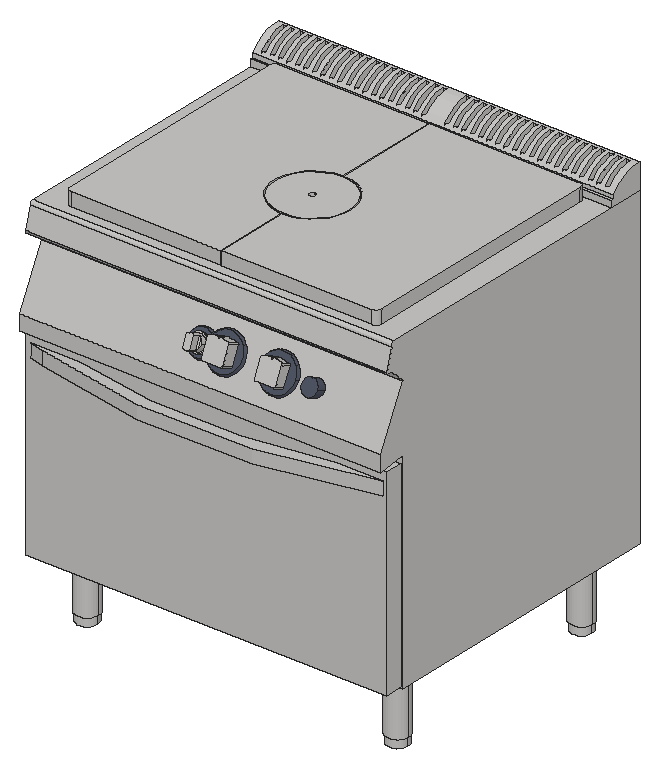
Revit family "QF_ZANUSSI_372008_Z7STGH10G0", category Specialty Equipment, Revit 2018
Family settings
  Round Connector Dimension = Use Diameter
  Part Type = Normal
  Work Plane-Based = No
  Always vertical = Yes
  Cut with Voids When Loaded = No
  Shared = No
  Room Calculation Point = No
Parameters
  Width = 800.00 mm  # constant formula
  Weight in Pounds = 209  # constant formula
  Weight = 0.00 kg
  Watts = 0 W
  Volts = 0 V
  URL Manufacturer = "http://www.zanussiprofessional.com"
  URL Cutsheet = "www.electrolux.com"
  URL = "http://www.zanussiprofessional.com"
  Type Mark [instance] = ""
  Steam Supply Size = 0"
  Steam Supply Minimum Pressure = 0.00 psi
  Steam Supply Maximum Pressure = 0.00 psi
  Steam Pounds per Hour = 0
  Status [instance] = ""
  Specification by User [instance] = ""
  Specification by Manufacturer = ""
  Show Logo [instance] = yes
  Show Clearance [instance] = yes
  Serial Number = ""
  Seismic Rating = ""
  SMACNA No = ""
  Revision Code [instance] = ""
  Refrigeration Suction Line Size = 0"
  Refrigeration Liquid Line Size = 0"
  Refrigerant Compressor Remote = yes
  Phase = 0
  Omniclass Number and Title = ""
  NAFEM Spec ID Number = ""
  Model = "Z7STGH10G0"
  Mechanical Remarks [instance] = ""
  Mechanical Connection Type [instance] = ""
  Masterspec = ""
  Manufacturer = "Zanussi"
  Length Actual = 800.00 mm  # constant formula
  Item Number [instance] = "372008"
  Installed By [instance] = ""
  Identify Quantity as Lot [instance] = yes
  Hot Water Size = 0"
  Height Actual = 850.00 mm  # constant formula
  Height = 908.00 mm  # constant formula
  HP = "0 HP"
  Gas Size = 12.70 mm  # 1/2"
  Gas RI Height [instance] = 0.00 mm
  Gas KW [instance] = 13  # constant formula
  Gas Input [instance] = 12988 VA  # 44317.0 Btu/h
  Gas Connection Height = 0.00 mm
  Furnished By [instance] = ""
  Foodservice Equipment Identifier [instance] = yes
  Direct Waste Size = 0"
  Description = "GAS SOLID TOP+OVEN 800 MM"
  Depth Actual = 700.00 mm  # constant formula
  Depth = 700.00 mm  # constant formula
  Cycle = 0 Hz
  Condensate Return Size = 0"
  Compressed Air Volume = 0 GPM
  Compressed Air Size = 0"
  Compressed Air Pressure = 0.00 psi
  Cold Water Size = 0"
  CSI MasterFormat = ""
  CSI Master Format = ""
  Assembly Code = ""
  Accessory = yes
Reference planes
  plane 1 "BACK": y = 0
  plane 2: z = 0
  plane 3 "LEFT": x = 0
  plane 4 "RIGHT": x = 800
  plane 5 "FRONT": y = -700
  plane 6 "TOP": z = 908
  plane 7 "Center Y": x = 400
  plane 8 "Center X": y = -350
  plane 9 "Base": z = 150
  plane 10: z = 850
  plane 11: y = -715
  plane 12: y = -1110
  plane 13 "panel": through (-6096, -654.982, 762.214) normal (0, -0.8956, 0.4448)
  plane 14: x = 177.499
Forms (mm)
  Revolve 1, solid, material "QF_Finishes_Stainless Steel"
    sketch origin (1, -90, 0) x (1, 0, 0) y (0, 0, 1)
      loop
        line (55, 0) -> (55, 150) -> (29.6, 150) -> (29.6, 19.05) -> (32.1, 19.05) -> (32.1, 0) -> (55, 0)
      axis (55, 0) -> (55, 150)
    angle from 0 to 360
  Revolve 2, solid, material "QF_Finishes_Stainless Steel"
    sketch origin (1, -599.588, 0) x (1, 0, 0) y (0, 0, 1)
      loop
        line (55, 0) -> (55, 150) -> (29.6, 150) -> (29.6, 19.05) -> (32.1, 19.05) -> (32.1, 0) -> (55, 0)
      axis (55, 0) -> (55, 150)
    angle from 0 to 360
  Revolve 3, solid, material "QF_Finishes_Stainless Steel"
    sketch origin (799, -90, 0) x (-1, 0, 0) y (0, 0, -1)
      loop
        line (55, 0) -> (32.1, 0) -> (32.1, -19.05) -> (29.6, -19.05) -> (29.6, -150) -> (55, -150) -> (55, 0)
      axis (55, 0) -> (55, -150)
    angle from 0 to 360
  Revolve 4, solid, material "QF_Finishes_Stainless Steel"
    sketch origin (799, -599.588, 0) x (-1, 0, 0) y (0, 0, -1)
      loop
        line (55, 0) -> (32.1, 0) -> (32.1, -19.05) -> (29.6, -19.05) -> (29.6, -150) -> (55, -150) -> (55, 0)
      axis (55, 0) -> (55, -150)
    angle from 0 to 360
  Extrusion 5, solid, material "QF_Finishes_Stainless Steel"
    sketch origin (0, 0, 576.213) x (0, 1, 0) y (0, 0, 1)
      loop
        line (0, 273.788) -> (-679.358, 273.788)
        arc (-679.358, 273.788) -> (-684.643, 271.598) -> (-686.833, 266.313) r 7.474
        line (-686.833, 266.313) -> (-699.884, 220.798)
        arc (-699.884, 220.798) -> (-699.396, 218.166) -> (-697, 216.971) r 3
        line (-697, 216.971) -> (-686.802, 216.971) -> (-654.982, 184.302) -> (-715, 63.446) -> (-715, 28.446) -> (-658.645, 36.366)
        arc (-658.645, 36.366) -> (-656.101, 35.612) -> (-655, 33.197) r 3.2
        line (-655, 33.197) -> (-655, -426.212) -> (0, -426.212) -> (0, 273.788)
      loop
        line (-700, 22.938) -> (-700, -421.212) -> (-660, -421.212) -> (-660, 22.938) -> (-700, 22.938)
    from 0 to 800
  Extrusion 6, solid, material "QF_Finishes_Stainless Steel"
    sketch origin (0, 0, 576.213) x (0, 1, 0) y (0, 0, 1)
      loop
        line (0, 273.787) -> (0, 288.075) -> (-76.2, 288.075) -> (-76.2, 273.787) -> (0, 273.787)
    from 0 to 800
  Extrusion 7, void
    sketch origin (34.989, 0, 865.138) x (-1, 0, 0) y (0, -1, 0)
      loop
        line (-335.017, 6.761) -> (-335.017, 63.911) -> (-344.313, 63.911) -> (-344.313, 6.761) -> (-335.017, 6.761)
      loop
        line (-316.325, 6.761) -> (-316.325, 63.911) -> (-325.62, 63.911) -> (-325.62, 6.761) -> (-316.325, 6.761)
      loop
        line (-297.632, 6.761) -> (-297.632, 63.911) -> (-306.928, 63.911) -> (-306.928, 6.761) -> (-297.632, 6.761)
      loop
        line (-278.94, 6.761) -> (-278.94, 63.911) -> (-288.235, 63.911) -> (-288.235, 6.761) -> (-278.94, 6.761)
      loop
        line (-260.247, 6.761) -> (-260.247, 63.911) -> (-269.543, 63.911) -> (-269.543, 6.761) -> (-260.247, 6.761)
      loop
        line (-241.554, 6.761) -> (-241.554, 63.911) -> (-250.85, 63.911) -> (-250.85, 6.761) -> (-241.554, 6.761)
      loop
        line (-222.862, 6.761) -> (-222.862, 63.911) -> (-232.157, 63.911) -> (-232.157, 6.761) -> (-222.862, 6.761)
      loop
        line (-204.169, 6.761) -> (-204.169, 63.911) -> (-213.465, 63.911) -> (-213.465, 6.761) -> (-204.169, 6.761)
      loop
        line (-185.476, 6.761) -> (-185.476, 63.911) -> (-194.772, 63.911) -> (-194.772, 6.761) -> (-185.476, 6.761)
      loop
        line (-166.784, 6.761) -> (-166.784, 63.911) -> (-176.08, 63.911) -> (-176.08, 6.761) -> (-166.784, 6.761)
      loop
        line (-148.091, 6.761) -> (-148.091, 63.911) -> (-157.387, 63.911) -> (-157.387, 6.761) -> (-148.091, 6.761)
      loop
        line (-129.399, 6.761) -> (-129.399, 63.911) -> (-138.694, 63.911) -> (-138.694, 6.761) -> (-129.399, 6.761)
      loop
        line (-110.706, 6.761) -> (-110.706, 63.911) -> (-120.002, 63.911) -> (-120.002, 6.761) -> (-110.706, 6.761)
      loop
        line (-92.013, 6.761) -> (-92.013, 63.911) -> (-101.309, 63.911) -> (-101.309, 6.761) -> (-92.013, 6.761)
      loop
        line (-73.321, 6.761) -> (-73.321, 63.911) -> (-82.617, 63.911) -> (-82.617, 6.761) -> (-73.321, 6.761)
      loop
        line (-54.628, 6.761) -> (-54.628, 63.911) -> (-63.924, 63.911) -> (-63.924, 6.761) -> (-54.628, 6.761)
      loop
        line (-35.936, 6.761) -> (-35.936, 63.911) -> (-45.231, 63.911) -> (-45.231, 6.761) -> (-35.936, 6.761)
      loop
        line (-17.243, 6.761) -> (-17.243, 63.911) -> (-26.539, 63.911) -> (-26.539, 6.761) -> (-17.243, 6.761)
      loop
        line (1.45, 6.761) -> (1.45, 63.911) -> (-7.846, 63.911) -> (-7.846, 6.761) -> (1.45, 6.761)
      loop
        line (20.142, 6.761) -> (20.142, 63.911) -> (10.846, 63.911) -> (10.846, 6.761) -> (20.142, 6.761)
      loop
        line (-395.005, 6.761) -> (-385.709, 6.761) -> (-385.709, 63.911) -> (-395.005, 63.911) -> (-395.005, 6.761)
      loop
        line (-413.697, 6.761) -> (-404.401, 6.761) -> (-404.401, 63.911) -> (-413.697, 63.911) -> (-413.697, 6.761)
      loop
        line (-432.39, 6.761) -> (-423.094, 6.761) -> (-423.094, 63.911) -> (-432.39, 63.911) -> (-432.39, 6.761)
      loop
        line (-451.082, 6.761) -> (-441.787, 6.761) -> (-441.787, 63.911) -> (-451.082, 63.911) -> (-451.082, 6.761)
      loop
        line (-469.775, 6.761) -> (-460.479, 6.761) -> (-460.479, 63.911) -> (-469.775, 63.911) -> (-469.775, 6.761)
      loop
        line (-488.468, 6.761) -> (-479.172, 6.761) -> (-479.172, 63.911) -> (-488.468, 63.911) -> (-488.468, 6.761)
      loop
        line (-507.16, 6.761) -> (-497.864, 6.761) -> (-497.864, 63.911) -> (-507.16, 63.911) -> (-507.16, 6.761)
      loop
        line (-525.853, 6.761) -> (-516.557, 6.761) -> (-516.557, 63.911) -> (-525.853, 63.911) -> (-525.853, 6.761)
      loop
        line (-544.545, 6.761) -> (-535.25, 6.761) -> (-535.25, 63.911) -> (-544.545, 63.911) -> (-544.545, 6.761)
      loop
        line (-563.238, 6.761) -> (-553.942, 6.761) -> (-553.942, 63.911) -> (-563.238, 63.911) -> (-563.238, 6.761)
      loop
        line (-581.931, 6.761) -> (-572.635, 6.761) -> (-572.635, 63.911) -> (-581.931, 63.911) -> (-581.931, 6.761)
      loop
        line (-600.623, 6.761) -> (-591.328, 6.761) -> (-591.328, 63.911) -> (-600.623, 63.911) -> (-600.623, 6.761)
      loop
        line (-619.316, 6.761) -> (-610.02, 6.761) -> (-610.02, 63.911) -> (-619.316, 63.911) -> (-619.316, 6.761)
      loop
        line (-638.008, 6.761) -> (-628.713, 6.761) -> (-628.713, 63.911) -> (-638.008, 63.911) -> (-638.008, 6.761)
      loop
        line (-656.701, 6.761) -> (-647.405, 6.761) -> (-647.405, 63.911) -> (-656.701, 63.911) -> (-656.701, 6.761)
      loop
        line (-675.394, 6.761) -> (-666.098, 6.761) -> (-666.098, 63.911) -> (-675.394, 63.911) -> (-675.394, 6.761)
      loop
        line (-694.086, 6.761) -> (-684.791, 6.761) -> (-684.791, 63.911) -> (-694.086, 63.911) -> (-694.086, 6.761)
      loop
        line (-712.779, 6.761) -> (-703.483, 6.761) -> (-703.483, 63.911) -> (-712.779, 63.911) -> (-712.779, 6.761)
      loop
        line (-731.472, 6.761) -> (-722.176, 6.761) -> (-722.176, 63.911) -> (-731.472, 63.911) -> (-731.472, 6.761)
      loop
        line (-750.164, 6.761) -> (-740.868, 6.761) -> (-740.868, 63.911) -> (-750.164, 63.911) -> (-750.164, 6.761)
    from 9.525 to 45.348
  Extrusion 8, solid, material "QF_Finishes_Stainless Steel"
    sketch origin (0, 0, 590.5) x (0, 1, 0) y (0, 0, 1)
      loop
        line (0, 273.788) -> (0, 317.5)
        arc (0, 317.5) -> (-39.072, 308.879) -> (-69.85, 283.312) r 84.854
        line (-69.85, 283.312) -> (-69.85, 273.788) -> (0, 273.788)
    from 0 to 800
  Extrusion 9, solid, material "QF_Finishes_Stainless Steel"
    sketch origin (0, 0, 850.85) x (0, -1, 0) y (1, 0, 0)
      loop
        arc (82.3, 67.7) -> (86.02, 58.72) -> (95, 55) r 12.7
        line (95, 55) -> (644.6, 55)
        arc (644.6, 55) -> (653.58, 58.72) -> (657.3, 67.7) r 12.7
        line (657.3, 67.7) -> (657.3, 398.413) -> (490.475, 398.413)
        arc (490.475, 398.413) -> (404.92, 314.787) -> (319.519, 398.571) r 85.497
        line (319.519, 398.571) -> (82.3, 398.571) -> (82.3, 67.7)
      loop
        arc (657.3, 732.3) -> (653.58, 741.28) -> (644.6, 745) r 12.7
        line (644.6, 745) -> (95, 745)
        arc (95, 745) -> (86.02, 741.28) -> (82.3, 732.3) r 12.7
        line (82.3, 732.3) -> (82.3, 401.528) -> (319.513, 401.528)
        arc (319.513, 401.528) -> (405.24, 485.459) -> (490.492, 401.047) r 85.5
        line (490.492, 401.047) -> (657.3, 401.047) -> (657.3, 732.3)
      loop
        circle (405, 400) r 82.6
      loop
        circle (405, 400) r 7
    from 0 to 28.575
  Extrusion 10, solid, material "QF_Finishes_Stainless Steel"
    sketch origin (0, 0, 850.85) x (0, -1, 0) y (1, 0, 0)
      loop
        circle (390, 400) r 7
    from 0 to 26.981
  Extrusion 11, solid, material "QF_Finishes_Stainless Steel"
    sketch origin (0, 0, 150) x (-1, 0, 0) y (0, -1, 0)
      loop
        circle (-747.612, 464) r 6.35
    from -8.815 to 7.722
  Extrusion 12, solid, material "QF_Finishes_Door Clearance", visible <- "Show Clearance", detail levels coarse
    sketch origin (0, 0, 0) x (0, 1, 0) y (0, 0, 1)
      loop
        arc (-700, 599.489) -> (-993.933, 455.777) -> (-1110.338, 150) r 445.337
        line (-1110.338, 150) -> (-700, 150) -> (-700, 599.489)
    from 0 to 800
  Extrusion 13, solid, material "QF_Finishes_Clearance", visible <- "Show Clearance", detail levels coarse
    sketch origin (0, 0, 0) x (1, 0, 0) y (0, 1, 0)
      loop
        line (-150, -715) -> (0, -715) -> (0, 0) -> (800, 0) -> (800, -715) -> (950, -715) -> (950, 150) -> (-150, 150) -> (-150, -715)
    from 0 to 908
  Extrusion 14, solid, material "QF_Finishes_Stainless Steel"
    sketch origin (0, 0, 150) x (-1, 0, 0) y (0, -1, 0)
      loop
        line (-791.98, 700) -> (-698.375, 700)
        arc (-698.375, 700) -> (-401.98, 735) -> (-105.585, 700) r 1272.5
        line (-105.585, 700) -> (-11.98, 700)
        arc (-11.98, 700) -> (-28.971, 705.227) -> (-46.033, 710.221) r 1297.5
        arc (-46.033, 710.221) -> (-419.757, 759.878) -> (-791.98, 700) r 1297.5
    from 400 to 430
  Blend 15, solid, material "QF_Finishes_Navy Blue"
    base sketch origin (432.5, -684.991, 701.786) x (1, 0, 0) y (0, 0.444781, 0.895639)
      loop
        arc (-35.05, -24.037) -> (42.5, 0) -> (-35.05, 24.037) r 42.5
        arc (-35.05, 24.037) -> (-83, 0) -> (-35.05, -24.037) r 30
    top sketch origin (432.5, -684.991, 701.786) x (1, 0, 0) y (0, 0.444781, 0.895639)
      loop
        arc (-34.578, -21.086) -> (40.5, 0) -> (-34.578, 21.086) r 40.5
        arc (-34.578, 21.086) -> (-81, 0) -> (-34.578, -21.086) r 28
    from 0 to 5
  Extrusion 16, solid, material "QF_Finishes_Stainless Steel"
    sketch origin (200, -684.991, 701.786) x (1, 0, 0) y (0, 0.444781, 0.895639)
      loop
        circle (177.499, -0.341) r 20
    from 5 to 10
  Extrusion 17, void
    sketch origin (432.5, -684.991, 701.786) x (1, 0, 0) y (0, -0.895639, 0.444781)
      loop
        line (-62.999, 24.837) -> (-62.999, 40) -> (-71.893, 40) -> (-71.893, 22) -> (-65.835, 22)
        arc (-65.835, 22) -> (-63.827, 22.828) -> (-62.999, 24.837) r 2.827
      loop
        arc (-47.003, 24.837) -> (-46.175, 22.828) -> (-44.167, 22) r 2.827
        line (-44.167, 22) -> (-38.109, 22) -> (-38.109, 40) -> (-47.003, 40) -> (-47.003, 24.837)
    from -20.019 to 20.019
  Extrusion 18, solid, material "QF_Finishes_Stainless Steel"
    sketch origin (200, -684.991, 701.786) x (1, 0, 0) y (0, 0.444781, 0.895639)
      loop
        arc (211.353, 22.789) -> (210.006, 21.685) -> (209.5, 20.019) r 2.997
        line (209.5, 20.019) -> (209.5, -20.019)
        arc (209.5, -20.019) -> (210.378, -22.138) -> (212.497, -23.016) r 2.997
        line (212.497, -23.016) -> (252.503, -23.016)
        arc (252.503, -23.016) -> (254.622, -22.138) -> (255.5, -20.019) r 2.997
        line (255.5, -20.019) -> (255.5, 20.019)
        arc (255.5, 20.019) -> (254.994, 21.685) -> (253.647, 22.789) r 2.997
        arc (253.647, 22.789) -> (232.5, 26.984) -> (211.353, 22.789) r 55.4
    from 5 to 34
  Extrusion 19, solid, material "QF_Finishes_Stainless Steel"
    sketch origin (200, -684.991, 701.786) x (1, 0, 0) y (0, 0.444781, 0.895639)
      loop
        circle (177.499, -0.341) r 16
    from 10 to 40
  Blend 20, solid, material "QF_Finishes_Navy Blue"
    base sketch origin (550, -684.991, 701.786) x (1, 0, 0) y (0, 0.444781, 0.895639)
      loop
        circle (0, 0) r 42.5
    top sketch origin (550, -684.991, 701.786) x (1, 0, 0) y (0, 0.444781, 0.895639)
      loop
        circle (0, 0) r 40.5
    from 0 to 5
  Extrusion 21, solid, material "QF_Finishes_Stainless Steel"
    sketch origin (550, -684.991, 701.786) x (1, 0, 0) y (0, 0.444781, 0.895639)
      loop
        arc (-21.147, 22.789) -> (-22.494, 21.685) -> (-23, 20.019) r 2.997
        line (-23, 20.019) -> (-23, -20.019)
        arc (-23, -20.019) -> (-22.122, -22.138) -> (-20.003, -23.016) r 2.997
        line (-20.003, -23.016) -> (20.003, -23.016)
        arc (20.003, -23.016) -> (22.122, -22.138) -> (23, -20.019) r 2.997
        line (23, -20.019) -> (23, 20.019)
        arc (23, 20.019) -> (22.494, 21.685) -> (21.147, 22.789) r 2.997
        arc (21.147, 22.789) -> (0, 26.984) -> (-21.147, 22.789) r 55.4
    from 10 to 34
  Extrusion 22, solid, material "QF_Plastic-Black-Matte"
    sketch origin (607.5, -684.991, 701.786) x (0, 0.444781, 0.895639) y (0, -0.895639, 0.444781)
      loop
        line (26.984, 34) -> (26.984, 19) -> (27.984, 19) -> (27.984, 34)
        arc (27.984, 34) -> (27.691, 34.707) -> (26.984, 35) r 1
        line (26.984, 35) -> (23.984, 35) -> (23.984, 34) -> (26.984, 34)
    from -58.5 to -56.5
  Extrusion 23, solid, material "QF_Finishes_Stainless Steel"
    sketch origin (550, -684.991, 701.786) x (1, 0, 0) y (0, 0.444781, 0.895639)
      loop
        line (17.5, 17.5) -> (-17.5, 17.5) -> (-17.5, -17.5) -> (17.5, -17.5) -> (17.5, 17.5)
    from 5 to 10
  Extrusion 24, solid, material "QF_Finishes_Navy Blue"
    sketch origin (689.001, -684.991, 701.786) x (1, 0, 0) y (0, 0.444781, 0.895639)
      loop
        circle (-55.001, 0) r 18
    from 3 to 23
  Extrusion 25, solid, material "QF_Finishes_Stainless Steel"
    sketch origin (550, -684.991, 701.786) x (1, 0, 0) y (0, 0.444781, 0.895639)
      loop
        circle (84, 0) r 15
    from 3 to 0
  Extrusion 26, solid, material "QF_Plastic-Black-Matte"
    sketch origin (490, -684.991, 701.786) x (0, 0.444781, 0.895639) y (0, -0.895639, 0.444781)
      loop
        line (26.984, 34) -> (26.984, 19) -> (27.984, 19) -> (27.984, 34)
        arc (27.984, 34) -> (27.691, 34.707) -> (26.984, 35) r 1
        line (26.984, 35) -> (23.984, 35) -> (23.984, 34) -> (26.984, 34)
    from -58.5 to -56.5
Cuts and joins
  Extrusion 7 cuts Extrusion 5
  Extrusion 7 cuts Extrusion 8
  joined: Extrusion 6, Extrusion 8
  joined: Extrusion 9, Extrusion 10
  Extrusion 17 cuts Extrusion 19
Lines and regions (mm)
  Split face 1
    outline origin (432.5, -689.469, 704.01) x (1, 0, 0) y (0, 0.444781, 0.895639)
      loop
        circle (0, 33) r 1
  Split face 2
    outline origin (432.5, -689.469, 704.01) x (1, 0, 0) y (0, 0.444781, 0.895639)
      loop
        circle (-8.541, 31.876) r 1
  Split face 3
    outline origin (432.5, -689.469, 704.01) x (1, 0, 0) y (0, 0.444781, 0.895639)
      loop
        circle (-16.5, 28.579) r 1
  Split face 4
    outline origin (432.5, -689.469, 704.01) x (1, 0, 0) y (0, 0.444781, 0.895639)
      loop
        circle (-23.335, 23.335) r 1
  Split face 5
    outline origin (432.5, -689.469, 704.01) x (1, 0, 0) y (0, 0.444781, 0.895639)
      loop
        circle (-28.579, 16.5) r 1
  Split face 6
    outline origin (432.5, -689.469, 704.01) x (1, 0, 0) y (0, 0.444781, 0.895639)
      loop
        circle (-31.876, 8.541) r 1
  Split face 7
    outline origin (432.5, -689.469, 704.01) x (1, 0, 0) y (0, 0.444781, 0.895639)
      loop
        circle (-33, 0) r 1
  Split face 8
    outline origin (432.5, -689.469, 704.01) x (-1, 0, 0) y (0, 0.444781, 0.895639)
      loop
        circle (31.876, -8.541) r 1
  Split face 9
    outline origin (432.5, -689.469, 704.01) x (-1, 0, 0) y (0, 0.444781, 0.895639)
      loop
        circle (28.579, -16.5) r 1
  Split face 10
    outline origin (432.5, -689.469, 704.01) x (-1, 0, 0) y (0, 0.444781, 0.895639)
      loop
        circle (23.335, -23.335) r 1
  Split face 11
    outline origin (432.5, -689.469, 704.01) x (-1, 0, 0) y (0, 0.444781, 0.895639)
      loop
        circle (16.5, -28.579) r 1
  Split face 12
    outline origin (432.5, -689.469, 704.01) x (-1, 0, 0) y (0, 0.444781, 0.895639)
      loop
        circle (8.541, -31.876) r 1
  Split face 13
    outline origin (432.5, -689.469, 704.01) x (1, 0, 0) y (0, -0.444781, -0.895639)
      loop
        circle (33, 0) r 1
  Split face 14
    outline origin (432.5, -689.469, 704.01) x (1, 0, 0) y (0, -0.444781, -0.895639)
      loop
        circle (31.876, -8.541) r 1
  Split face 15
    outline origin (432.5, -689.469, 704.01) x (1, 0, 0) y (0, -0.444781, -0.895639)
      loop
        circle (28.579, -16.5) r 1
  Split face 16
    outline origin (432.5, -689.469, 704.01) x (1, 0, 0) y (0, -0.444781, -0.895639)
      loop
        circle (23.335, -23.335) r 1
  Split face 17
    outline origin (432.5, -689.469, 704.01) x (1, 0, 0) y (0, -0.444781, -0.895639)
      loop
        circle (16.5, -28.579) r 1
  Split face 18
    outline origin (432.5, -689.469, 704.01) x (1, 0, 0) y (0, -0.444781, -0.895639)
      loop
        circle (8.541, -31.876) r 1
  Split face 19
    outline origin (432.5, -689.469, 704.01) x (-1, 0, 0) y (0, -0.444781, -0.895639)
      loop
        circle (-8.541, 31.876) r 1
  Split face 20
    outline origin (432.5, -689.469, 704.01) x (-1, 0, 0) y (0, -0.444781, -0.895639)
      loop
        circle (-16.5, 28.579) r 1
  Split face 21
    outline origin (432.5, -689.469, 704.01) x (-1, 0, 0) y (0, -0.444781, -0.895639)
      loop
        circle (-23.335, 23.335) r 1
  Split face 22
    outline origin (432.5, -689.469, 704.01) x (-1, 0, 0) y (0, -0.444781, -0.895639)
      loop
        circle (-28.579, 16.5) r 1
  Split face 23
    outline origin (432.5, -689.469, 704.01) x (-1, 0, 0) y (0, -0.444781, -0.895639)
      loop
        circle (-31.876, 8.541) r 1
  Split face 24
    outline origin (432.5, -689.469, 704.01) x (1, 0, 0) y (0, 0.444781, 0.895639)
      loop
        circle (-55.001, 22) r 1.508
  Split face 25
    outline origin (432.5, -689.469, 704.01) x (1, 0, 0) y (0, 0.444781, 0.895639)
      loop
        circle (-77.001, 0) r 1.343
  Split face 26
    outline origin (432.5, -689.469, 704.01) x (1, 0, 0) y (0, 0.444781, 0.895639)
      loop
        line (-56.273, -20.786) -> (-56.273, -25.164) -> (-53.729, -25.164) -> (-53.729, -20.786) -> (-56.273, -20.786)
  Split face 27
    outline origin (550, -689.469, 704.01) x (1, 0, 0) y (0, 0.444781, 0.895639)
      loop
        circle (-33, 0) r 3
  Split face 28
    outline origin (555.901, -689.469, 704.01) x (1, 0, 0) y (0, 0.444781, 0.895639)
      loop
        line (-8.901, 38.561) -> (-8.901, 28.561) -> (-2.901, 28.561) -> (-2.901, 38.561) -> (-8.901, 38.561)
  Split face 29
    outline origin (555.901, -689.469, 704.01) x (1, 0, 0) y (0, 0.444781, 0.895639)
      loop
        line (-8.401, 38.061) -> (-8.401, 29.061) -> (-3.401, 29.061) -> (-3.401, 38.061) -> (-8.401, 38.061)
  Split face 30
    outline origin (555.901, -689.469, 704.01) x (1, 0, 0) y (0, 0.444781, 0.895639)
      loop
        line (-8.401, 34.061) -> (-3.401, 34.061)
  Split face 31
    outline origin (555.901, -689.469, 704.01) x (1, 0, 0) y (0, 0.444781, 0.895639)
      loop
        line (-8.401, 33.561) -> (-3.401, 33.561)
  Split face 32
    outline origin (575.657, -675.159, 732.825) x (-1, 0, 0) y (0, -0.444781, -0.895639)
      loop
        circle (43.456, 61.543) r 1.5
  Split face 33
    outline origin (555.901, -689.469, 704.01) x (1, 0, 0) y (0, 0.444781, 0.895639)
      loop
        circle (-5.901, 31.311) r 2.029
  Split face 34
    outline origin (550, -689.469, 704.01) x (1, 0, 0) y (0, 0.444781, 0.895639)
      loop
        circle (-24.487, 26.694) r 3.497
  Split face 35
    outline origin (432.5, -689.469, 704.01) x (1, 0, 0) y (0, 0.444781, 0.895639)
      loop
        circle (0, -33) r 1
  symbolic lines, style "QF-Door Swings"
    curve 1: line (0, -715, 150) -> (0, -1110, 150)
    curve 2: line (0, -1110, 150) -> (800, -1110, 150)
    curve 3: line (800, -1110, 150) -> (800, -715, 150)
  symbolic lines
    curve 4: line (0, 0, 150) -> (0, -715, 150)
    curve 5: line (55, -95, 150) -> (55, -659.6, 150)
    curve 6: arc (55, -659.6, 150) -> (58.72, -668.58, 150) -> (67.7, -672.3, 150) r 12.7
    curve 7: line (67.7, -672.3, 150) -> (398.413, -672.3, 150)
    curve 8: line (398.413, -672.3, 150) -> (398.413, -490.475, 150)
    curve 9: arc (398.413, -490.475, 150) -> (314.787, -404.92, 150) -> (398.571, -319.519, 150) r 85.497
    curve 10: line (398.571, -319.519, 150) -> (398.571, -82.3, 150)
    curve 11: line (398.571, -82.3, 150) -> (67.7, -82.3, 150)
    curve 12: arc (67.7, -82.3, 150) -> (58.72, -86.02, 150) -> (55, -95, 150) r 12.7
    curve 13: line (745, -659.6, 150) -> (745, -95, 150)
    curve 14: arc (745, -95, 150) -> (741.28, -86.02, 150) -> (732.3, -82.3, 150) r 12.7
    curve 15: line (732.3, -82.3, 150) -> (401.528, -82.3, 150)
    curve 16: line (401.528, -82.3, 150) -> (401.528, -319.513, 150)
    curve 17: arc (401.528, -319.513, 150) -> (485.46, -405.118, 150) -> (401.289, -490.489, 150) r 85.5
    curve 18: line (401.289, -490.489, 150) -> (401.289, -672.3, 150)
    curve 19: line (401.289, -672.3, 150) -> (732.3, -672.3, 150)
    curve 20: arc (732.3, -672.3, 150) -> (741.28, -668.58, 150) -> (745, -659.6, 150) r 12.7
    curve 21: arc (400, -322.4, 150) -> (317.4, -405, 150) -> (400, -487.6, 150) r 82.6
    curve 22: arc (400, -487.6, 150) -> (482.6, -405, 150) -> (400, -322.4, 150) r 82.6
    curve 23: arc (400, -398, 150) -> (407, -405, 150) -> (400, -412, 150) r 7
    curve 24: arc (400, -412, 150) -> (393, -405, 150) -> (400, -398, 150) r 7
    curve 25: line (0, -69.85, 150) -> (800, -69.85, 150)
    curve 26: line (0, -76.2, 150) -> (800, -76.2, 150)
    curve 27: line (800, -715, 150) -> (800, 0, 150)
    curve 28: line (0, 0, 150) -> (800, 0, 150)
    curve 29: line (24.143, -6.761, 150) -> (24.143, -63.911, 150)
    curve 30: line (24.143, -63.911, 150) -> (14.847, -63.911, 150)
    curve 31: line (14.847, -63.911, 150) -> (14.847, -6.761, 150)
    curve 32: line (14.847, -6.761, 150) -> (24.143, -6.761, 150)
    curve 33: line (379.302, -6.761, 150) -> (379.302, -63.911, 150)
    curve 34: line (379.302, -63.911, 150) -> (370.006, -63.911, 150)
    curve 35: line (370.006, -63.911, 150) -> (370.006, -6.761, 150)
    curve 36: line (370.006, -6.761, 150) -> (379.302, -6.761, 150)
    curve 37: line (429.994, -6.761, 150) -> (429.994, -63.911, 150)
    curve 38: line (429.994, -63.911, 150) -> (420.698, -63.911, 150)
    curve 39: line (420.698, -63.911, 150) -> (420.698, -6.761, 150)
    curve 40: line (420.698, -6.761, 150) -> (429.994, -6.761, 150)
    curve 41: line (360.61, -6.761, 150) -> (360.61, -63.911, 150)
    curve 42: line (360.61, -63.911, 150) -> (351.314, -63.911, 150)
    curve 43: line (351.314, -63.911, 150) -> (351.314, -6.761, 150)
    curve 44: line (351.314, -6.761, 150) -> (360.61, -6.761, 150)
    curve 45: line (341.917, -6.761, 150) -> (341.917, -63.911, 150)
    curve 46: line (341.917, -63.911, 150) -> (332.621, -63.911, 150)
    curve 47: line (332.621, -63.911, 150) -> (332.621, -6.761, 150)
    curve 48: line (332.621, -6.761, 150) -> (341.917, -6.761, 150)
    curve 49: line (323.224, -6.761, 150) -> (323.224, -63.911, 150)
    curve 50: line (323.224, -63.911, 150) -> (313.929, -63.911, 150)
    curve 51: line (313.929, -63.911, 150) -> (313.929, -6.761, 150)
    curve 52: line (313.929, -6.761, 150) -> (323.224, -6.761, 150)
    curve 53: line (304.532, -6.761, 150) -> (304.532, -63.911, 150)
    curve 54: line (304.532, -63.911, 150) -> (295.236, -63.911, 150)
    curve 55: line (295.236, -63.911, 150) -> (295.236, -6.761, 150)
    curve 56: line (295.236, -6.761, 150) -> (304.532, -6.761, 150)
    curve 57: line (285.839, -6.761, 150) -> (285.839, -63.911, 150)
    curve 58: line (285.839, -63.911, 150) -> (276.543, -63.911, 150)
    curve 59: line (276.543, -63.911, 150) -> (276.543, -6.761, 150)
    curve 60: line (276.543, -6.761, 150) -> (285.839, -6.761, 150)
    curve 61: line (267.146, -6.761, 150) -> (267.146, -63.911, 150)
    curve 62: line (267.146, -63.911, 150) -> (257.851, -63.911, 150)
    curve 63: line (257.851, -63.911, 150) -> (257.851, -6.761, 150)
    curve 64: line (257.851, -6.761, 150) -> (267.146, -6.761, 150)
    curve 65: line (248.454, -6.761, 150) -> (248.454, -63.911, 150)
    curve 66: line (248.454, -63.911, 150) -> (239.158, -63.911, 150)
    curve 67: line (239.158, -63.911, 150) -> (239.158, -6.761, 150)
    curve 68: line (239.158, -6.761, 150) -> (248.454, -6.761, 150)
    curve 69: line (229.761, -6.761, 150) -> (229.761, -63.911, 150)
    curve 70: line (229.761, -63.911, 150) -> (220.466, -63.911, 150)
    curve 71: line (220.466, -63.911, 150) -> (220.466, -6.761, 150)
    curve 72: line (220.466, -6.761, 150) -> (229.761, -6.761, 150)
    curve 73: line (211.069, -6.761, 150) -> (211.069, -63.911, 150)
    curve 74: line (211.069, -63.911, 150) -> (201.773, -63.911, 150)
    curve 75: line (201.773, -63.911, 150) -> (201.773, -6.761, 150)
    curve 76: line (201.773, -6.761, 150) -> (211.069, -6.761, 150)
    curve 77: line (192.376, -6.761, 150) -> (192.376, -63.911, 150)
    curve 78: line (192.376, -63.911, 150) -> (183.08, -63.911, 150)
    curve 79: line (183.08, -63.911, 150) -> (183.08, -6.761, 150)
    curve 80: line (183.08, -6.761, 150) -> (192.376, -6.761, 150)
    curve 81: line (173.683, -6.761, 150) -> (173.683, -63.911, 150)
    curve 82: line (173.683, -63.911, 150) -> (164.388, -63.911, 150)
    curve 83: line (164.388, -63.911, 150) -> (164.388, -6.761, 150)
    curve 84: line (164.388, -6.761, 150) -> (173.683, -6.761, 150)
    curve 85: line (154.991, -6.761, 150) -> (154.991, -63.911, 150)
    curve 86: line (154.991, -63.911, 150) -> (145.695, -63.911, 150)
    curve 87: line (145.695, -63.911, 150) -> (145.695, -6.761, 150)
    curve 88: line (145.695, -6.761, 150) -> (154.991, -6.761, 150)
    curve 89: line (136.298, -6.761, 150) -> (136.298, -63.911, 150)
    curve 90: line (136.298, -63.911, 150) -> (127.002, -63.911, 150)
    curve 91: line (127.002, -63.911, 150) -> (127.002, -6.761, 150)
    curve 92: line (127.002, -6.761, 150) -> (136.298, -6.761, 150)
    curve 93: line (117.606, -6.761, 150) -> (117.606, -63.911, 150)
    curve 94: line (117.606, -63.911, 150) -> (108.31, -63.911, 150)
    curve 95: line (108.31, -63.911, 150) -> (108.31, -6.761, 150)
    curve 96: line (108.31, -6.761, 150) -> (117.606, -6.761, 150)
    curve 97: line (98.913, -6.761, 150) -> (98.913, -63.911, 150)
    curve 98: line (98.913, -63.911, 150) -> (89.617, -63.911, 150)
    curve 99: line (89.617, -63.911, 150) -> (89.617, -6.761, 150)
    curve 100: line (89.617, -6.761, 150) -> (98.913, -6.761, 150)
    curve 101: line (80.22, -6.761, 150) -> (80.22, -63.911, 150)
    curve 102: line (80.22, -63.911, 150) -> (70.925, -63.911, 150)
    curve 103: line (70.925, -63.911, 150) -> (70.925, -6.761, 150)
    curve 104: line (70.925, -6.761, 150) -> (80.22, -6.761, 150)
    curve 105: line (61.528, -6.761, 150) -> (61.528, -63.911, 150)
    curve 106: line (61.528, -63.911, 150) -> (52.232, -63.911, 150)
    curve 107: line (52.232, -63.911, 150) -> (52.232, -6.761, 150)
    curve 108: line (52.232, -6.761, 150) -> (61.528, -6.761, 150)
    curve 109: line (42.835, -6.761, 150) -> (42.835, -63.911, 150)
    curve 110: line (42.835, -63.911, 150) -> (33.539, -63.911, 150)
    curve 111: line (33.539, -63.911, 150) -> (33.539, -6.761, 150)
    curve 112: line (33.539, -6.761, 150) -> (42.835, -6.761, 150)
    curve 113: line (635.612, -6.761, 150) -> (635.612, -63.911, 150)
    curve 114: line (635.612, -63.911, 150) -> (626.317, -63.911, 150)
    curve 115: line (626.317, -63.911, 150) -> (626.317, -6.761, 150)
    curve 116: line (626.317, -6.761, 150) -> (635.612, -6.761, 150)
    curve 117: line (616.92, -6.761, 150) -> (616.92, -63.911, 150)
    curve 118: line (616.92, -63.911, 150) -> (607.624, -63.911, 150)
    curve 119: line (607.624, -63.911, 150) -> (607.624, -6.761, 150)
    curve 120: line (607.624, -6.761, 150) -> (616.92, -6.761, 150)
    curve 121: line (598.227, -6.761, 150) -> (598.227, -63.911, 150)
    curve 122: line (598.227, -63.911, 150) -> (588.931, -63.911, 150)
    curve 123: line (588.931, -63.911, 150) -> (588.931, -6.761, 150)
    curve 124: line (588.931, -6.761, 150) -> (598.227, -6.761, 150)
    curve 125: line (579.534, -6.761, 150) -> (579.534, -63.911, 150)
    curve 126: line (579.534, -63.911, 150) -> (570.239, -63.911, 150)
    curve 127: line (570.239, -63.911, 150) -> (570.239, -6.761, 150)
    curve 128: line (570.239, -6.761, 150) -> (579.534, -6.761, 150)
    curve 129: line (560.842, -6.761, 150) -> (560.842, -63.911, 150)
    curve 130: line (560.842, -63.911, 150) -> (551.546, -63.911, 150)
    curve 131: line (551.546, -63.911, 150) -> (551.546, -6.761, 150)
    curve 132: line (551.546, -6.761, 150) -> (560.842, -6.761, 150)
    curve 133: line (542.149, -6.761, 150) -> (542.149, -63.911, 150)
    curve 134: line (542.149, -63.911, 150) -> (532.854, -63.911, 150)
    curve 135: line (532.854, -63.911, 150) -> (532.854, -6.761, 150)
    curve 136: line (532.854, -6.761, 150) -> (542.149, -6.761, 150)
    curve 137: line (523.457, -6.761, 150) -> (523.457, -63.911, 150)
    curve 138: line (523.457, -63.911, 150) -> (514.161, -63.911, 150)
    curve 139: line (514.161, -63.911, 150) -> (514.161, -6.761, 150)
    curve 140: line (514.161, -6.761, 150) -> (523.457, -6.761, 150)
    curve 141: line (504.764, -6.761, 150) -> (504.764, -63.911, 150)
    curve 142: line (504.764, -63.911, 150) -> (495.468, -63.911, 150)
    curve 143: line (495.468, -63.911, 150) -> (495.468, -6.761, 150)
    curve 144: line (495.468, -6.761, 150) -> (504.764, -6.761, 150)
    curve 145: line (486.071, -6.761, 150) -> (486.071, -63.911, 150)
    curve 146: line (486.071, -63.911, 150) -> (476.776, -63.911, 150)
    curve 147: line (476.776, -63.911, 150) -> (476.776, -6.761, 150)
    curve 148: line (476.776, -6.761, 150) -> (486.071, -6.761, 150)
    curve 149: line (467.379, -6.761, 150) -> (467.379, -63.911, 150)
    curve 150: line (467.379, -63.911, 150) -> (458.083, -63.911, 150)
    curve 151: line (458.083, -63.911, 150) -> (458.083, -6.761, 150)
    curve 152: line (458.083, -6.761, 150) -> (467.379, -6.761, 150)
    curve 153: line (448.686, -6.761, 150) -> (448.686, -63.911, 150)
    curve 154: line (448.686, -63.911, 150) -> (439.39, -63.911, 150)
    curve 155: line (439.39, -63.911, 150) -> (439.39, -6.761, 150)
    curve 156: line (439.39, -6.761, 150) -> (448.686, -6.761, 150)
    curve 157: line (785.153, -6.761, 150) -> (785.153, -63.911, 150)
    curve 158: line (785.153, -63.911, 150) -> (775.857, -63.911, 150)
    curve 159: line (775.857, -63.911, 150) -> (775.857, -6.761, 150)
    curve 160: line (775.857, -6.761, 150) -> (785.153, -6.761, 150)
    curve 161: line (766.461, -6.761, 150) -> (766.461, -63.911, 150)
    curve 162: line (766.461, -63.911, 150) -> (757.165, -63.911, 150)
    curve 163: line (757.165, -63.911, 150) -> (757.165, -6.761, 150)
    curve 164: line (757.165, -6.761, 150) -> (766.461, -6.761, 150)
    curve 165: line (747.768, -6.761, 150) -> (747.768, -63.911, 150)
    curve 166: line (747.768, -63.911, 150) -> (738.472, -63.911, 150)
    curve 167: line (738.472, -63.911, 150) -> (738.472, -6.761, 150)
    curve 168: line (738.472, -6.761, 150) -> (747.768, -6.761, 150)
    curve 169: line (729.075, -6.761, 150) -> (729.075, -63.911, 150)
    curve 170: line (729.075, -63.911, 150) -> (719.78, -63.911, 150)
    curve 171: line (719.78, -63.911, 150) -> (719.78, -6.761, 150)
    curve 172: line (719.78, -6.761, 150) -> (729.075, -6.761, 150)
    curve 173: line (710.383, -6.761, 150) -> (710.383, -63.911, 150)
    curve 174: line (710.383, -63.911, 150) -> (701.087, -63.911, 150)
    curve 175: line (701.087, -63.911, 150) -> (701.087, -6.761, 150)
    curve 176: line (701.087, -6.761, 150) -> (710.383, -6.761, 150)
    curve 177: line (691.69, -6.761, 150) -> (691.69, -63.911, 150)
    curve 178: line (691.69, -63.911, 150) -> (682.394, -63.911, 150)
    curve 179: line (682.394, -63.911, 150) -> (682.394, -6.761, 150)
    curve 180: line (682.394, -6.761, 150) -> (691.69, -6.761, 150)
    curve 181: line (672.998, -6.761, 150) -> (672.998, -63.911, 150)
    curve 182: line (672.998, -63.911, 150) -> (663.702, -63.911, 150)
    curve 183: line (663.702, -63.911, 150) -> (663.702, -6.761, 150)
    curve 184: line (663.702, -6.761, 150) -> (672.998, -6.761, 150)
    curve 185: line (654.305, -6.761, 150) -> (654.305, -63.911, 150)
    curve 186: line (654.305, -63.911, 150) -> (645.009, -63.911, 150)
    curve 187: line (645.009, -63.911, 150) -> (645.009, -6.761, 150)
    curve 188: line (645.009, -6.761, 150) -> (654.305, -6.761, 150)
    curve 192: line (455.5, -699.884, 0) -> (455.5, -724.217, 0)
    curve 193: arc (455.5, -724.217, 0) -> (455.354, -724.681, 0) -> (454.968, -724.977, 0) r 0.809
    curve 194: arc (454.968, -724.977, 0) -> (453.78, -725.458, 0) -> (452.503, -725.551, 0) r 4.127
    curve 195: arc (455.5, -704.292, 0) -> (460.644, -702.413, 0) -> (465.502, -699.884, 0) r 42.24
    curve 196: arc (455.5, -706.539, 0) -> (454.998, -705.818, 0) -> (454.201, -705.448, 0) r 1.682
    curve 197: arc (454.201, -705.448, 0) -> (443.898, -703.948, 0) -> (433.5, -703.438, 0) r 108.952
    curve 198: line (433.5, -699.884, 0) -> (433.5, -705.671, 0)
    curve 199: line (433.5, -705.671, 0) -> (431.5, -705.671, 0)
    curve 200: line (431.5, -705.671, 0) -> (431.5, -699.884, 0)
    curve 201: line (409.5, -699.884, 0) -> (409.5, -724.217, 0)
    curve 202: arc (409.5, -724.217, 0) -> (409.646, -724.681, 0) -> (410.032, -724.977, 0) r 0.809
    curve 203: arc (410.032, -724.977, 0) -> (411.22, -725.458, 0) -> (412.497, -725.551, 0) r 4.127
    curve 204: arc (409.5, -704.292, 0) -> (404.356, -702.413, 0) -> (399.498, -699.884, 0) r 42.24
    curve 205: arc (409.5, -706.539, 0) -> (410.002, -705.818, 0) -> (410.799, -705.448, 0) r 1.682
    curve 206: arc (410.799, -705.448, 0) -> (421.102, -703.948, 0) -> (431.5, -703.438, 0) r 108.952
    curve 207: line (452.503, -725.551, 0) -> (412.497, -725.551, 0)
    curve 208: line (385.497, -714.871, 0) -> (409.5, -714.871, 0)
    curve 209: line (369.501, -726.872, 908.9) -> (369.501, -701.094, 908.9)
    curve 210: line (385.497, -701.094, 908.9) -> (385.497, -726.872, 908.9)
    curve 211: spline (366.865, -710.035, 908.9) -> (365.376, -709.362, 908.9) -> (364.101, -708.608, 908.9) -> (363.061, -707.785, 908.9) -> (362.275, -706.908, 908.9) -> (361.758, -705.992, 908.9) -> (361.517, -705.054, 908.9) -> (361.557, -704.11, 908.9) -> (361.878, -703.177, 908.9) -> (362.474, -702.271, 908.9) -> (363.334, -701.408, 908.9) -> (364.444, -700.603, 908.9) -> (365.783, -699.871, 908.9)
    curve 212: spline (389.214, -699.871, 908.9) -> (390.557, -700.606, 908.9) -> (391.67, -701.414, 908.9) -> (392.532, -702.28, 908.9) -> (393.127, -703.19, 908.9) -> (393.446, -704.127, 908.9) -> (393.482, -705.074, 908.9) -> (393.234, -706.016, 908.9) -> (392.709, -706.934, 908.9) -> (391.913, -707.813, 908.9) -> (390.863, -708.637, 908.9) -> (389.575, -709.392, 908.9) -> (388.074, -710.064, 908.9)
    curve 213: spline (388.074, -710.064, 908.9) -> (387.794, -710.192, 908.9) -> (387.513, -710.358, 908.9) -> (387.235, -710.557, 908.9) -> (386.965, -710.788, 908.9) -> (386.706, -711.048, 908.9) -> (386.463, -711.331, 908.9) -> (386.238, -711.636, 908.9) -> (386.035, -711.956, 908.9) -> (385.857, -712.287, 908.9) -> (385.707, -712.625, 908.9) -> (385.586, -712.964, 908.9) -> (385.497, -713.301, 908.9)
    curve 214: spline (369.501, -713.212, 908.9) -> (369.429, -712.858, 908.9) -> (369.321, -712.505, 908.9) -> (369.18, -712.157, 908.9) -> (369.007, -711.82, 908.9) -> (368.806, -711.499, 908.9) -> (368.577, -711.198, 908.9) -> (368.327, -710.921, 908.9) -> (368.056, -710.674, 908.9) -> (367.771, -710.458, 908.9) -> (367.474, -710.279, 908.9) -> (367.171, -710.137, 908.9) -> (366.865, -710.035, 908.9)
    curve 215: line (361.499, -704.717, 908.9) -> (361.499, -699.871, 908.9)
    curve 216: line (393.501, -704.721, 908.9) -> (393.501, -699.871, 908.9)
    curve 217: arc (369.501, -726.872, 908.9) -> (377.499, -727.958, 908.9) -> (385.497, -726.872, 908.9) r 30
    curve 218: line (527, -699.884, 0) -> (527, -724.217, 0)
    curve 219: arc (527, -724.217, 0) -> (527.146, -724.681, 0) -> (527.532, -724.977, 0) r 0.809
    curve 220: arc (527.532, -724.977, 0) -> (528.72, -725.458, 0) -> (529.997, -725.551, 0) r 4.127
    curve 221: arc (527, -704.292, 0) -> (521.856, -702.413, 0) -> (516.998, -699.884, 0) r 42.24
    curve 222: arc (527, -706.539, 0) -> (527.502, -705.818, 0) -> (528.299, -705.448, 0) r 1.682
    curve 223: arc (528.299, -705.448, 0) -> (538.602, -703.948, 0) -> (549, -703.438, 0) r 108.952
    curve 224: line (549, -699.884, 0) -> (549, -705.671, 0)
    curve 225: line (549, -705.671, 0) -> (551, -705.671, 0)
    curve 226: line (551, -705.671, 0) -> (551, -699.884, 0)
    curve 227: line (573, -699.884, 0) -> (573, -724.217, 0)
    curve 228: arc (573, -724.217, 0) -> (572.854, -724.681, 0) -> (572.468, -724.977, 0) r 0.809
    curve 229: arc (572.468, -724.977, 0) -> (571.28, -725.458, 0) -> (570.003, -725.551, 0) r 4.127
    curve 230: arc (573, -704.292, 0) -> (578.144, -702.413, 0) -> (583.002, -699.884, 0) r 42.24
    curve 231: arc (573, -706.539, 0) -> (572.498, -705.818, 0) -> (571.701, -705.448, 0) r 1.682
    curve 232: arc (571.701, -705.448, 0) -> (561.398, -703.948, 0) -> (551, -703.438, 0) r 108.952
    curve 233: line (529.997, -725.551, 0) -> (570.003, -725.551, 0)
    curve 234: spline (616, -705.591, 0) -> (616.613, -707.663, 0) -> (618.412, -709.594, 0) -> (621.272, -711.252, 0) -> (625, -712.524, 0) -> (629.341, -713.324, 0) -> (634, -713.597, 0) -> (638.659, -713.324, 0) -> (643, -712.524, 0) -> (646.728, -711.252, 0) -> (649.588, -709.594, 0) -> (651.387, -707.663, 0) -> (652, -705.591, 0)
    curve 235: spline (652, -705.591, 0) -> (651.963, -705.075, 0) -> (651.851, -704.562, 0) -> (651.665, -704.053, 0) -> (651.406, -703.55, 0) -> (651.074, -703.056, 0) -> (650.672, -702.573, 0) -> (650.201, -702.102, 0) -> (649.662, -701.645, 0) -> (649.059, -701.205, 0) -> (648.393, -700.783, 0) -> (647.667, -700.381, 0) -> (646.884, -700, 0)
    curve 236: spline (621.116, -700, 0) -> (620.333, -700.381, 0) -> (619.607, -700.783, 0) -> (618.941, -701.205, 0) -> (618.338, -701.645, 0) -> (617.799, -702.102, 0) -> (617.328, -702.573, 0) -> (616.926, -703.056, 0) -> (616.594, -703.55, 0) -> (616.335, -704.053, 0) -> (616.149, -704.562, 0) -> (616.037, -705.075, 0) -> (616, -705.591, 0)
    curve 237: arc (63.232, -714.871, 0) -> (401.98, -759.875, 0) -> (740.727, -714.871, 0) r 1297.375
    curve 238: arc (626.702, -714.871, 0) -> (599.896, -719.386, 0) -> (573, -723.327, 0) r 1272.373
    curve 239: arc (555.719, -725.551, 0) -> (365.844, -734.36, 0) -> (176.776, -714.784, 0) r 1272.373
    curve 240: line (0, -699.884, 0) -> (800, -699.884, 0)
    curve 241: line (0, -715, 0) -> (369.501, -715, 0)
    curve 242: line (455.5, -715, 0) -> (527, -715, 0)
    curve 243: line (573, -715, 0) -> (800, -715, 0)
    curve 244: line (616, -705.591, 0) -> (616, -699.884, 0)
    curve 245: line (652, -705.591, 0) -> (652, -699.884, 0)
  symbolic lines, style "QF-Clearances", visible <- "Show Clearance", detail levels coarse
    curve 189: line (-150, -715, 150) -> (-150, 150, 150)
    curve 190: line (-150, 150, 150) -> (950, 150, 150)
    curve 191: line (950, 150, 150) -> (950, -715, 150)
Dimensions and locks
  equal spacing: plane 3 "LEFT", plane 7 "Center Y", plane 4 "RIGHT"
  "Width": plane 3 "LEFT" to plane 4 "RIGHT"
  equal spacing: plane 5 "FRONT", plane 8 "Center X", plane 1 "BACK"
  "Depth": plane 5 "FRONT" to plane 1 "BACK"
  "Height": plane 6 "TOP" to level
  plane 9 "Base" to level = 150.00 mm
  plane 6 "TOP" to plane 10 = 58.00 mm
  plane 1 "BACK" to plane 11 = 715.00 mm
  plane 1 "BACK" to plane 12 = 1110.00 mm
  aligned and locked: level to plane 2
Automatic sketch dimensions
  Revolve 1 sketch curve to plane 9 "Base" = 0.00 mm  (x2)
  Revolve 1 sketch curve to level = 0.00 mm
  plane 3 "LEFT" to Revolve 1 sketch curve = 30.60 mm
  Revolve 1 sketch curve to Revolve 1 sketch curve = 2.50 mm
  Revolve 1 sketch curve to Revolve 1 sketch curve = 25.40 mm
  level to Revolve 1 sketch curve = 19.05 mm
  Revolve 1 sketch curve to Revolve 1 sketch curve = 0.00 mm
  plane 9 "Base" to Revolve 1 sketch curve = 20.00 mm
  Revolve 2 sketch curve to plane 9 "Base" = 0.00 mm  (x2)
  Revolve 2 sketch curve to level = 0.00 mm
  plane 3 "LEFT" to Revolve 2 sketch curve = 30.60 mm
  Revolve 2 sketch curve to Revolve 2 sketch curve = 2.50 mm
  Revolve 2 sketch curve to Revolve 2 sketch curve = 25.40 mm
  level to Revolve 2 sketch curve = 19.05 mm
  Revolve 2 sketch curve to Revolve 2 sketch curve = 0.00 mm
  plane 9 "Base" to Revolve 2 sketch curve = 20.00 mm
  Revolve 3 sketch curve to plane 9 "Base" = 0.00 mm  (x2)
  Revolve 3 sketch curve to level = 0.00 mm
  Revolve 3 sketch curve to plane 4 "RIGHT" = 30.60 mm
  Revolve 3 sketch curve to Revolve 3 sketch curve = 2.50 mm
  Revolve 3 sketch curve to Revolve 3 sketch curve = 25.40 mm
  level to Revolve 3 sketch curve = 19.05 mm
  Revolve 3 sketch curve to Revolve 3 sketch curve = 0.00 mm
  plane 9 "Base" to Revolve 3 sketch curve = 20.00 mm
  Revolve 4 sketch curve to plane 9 "Base" = 0.00 mm  (x2)
  Revolve 4 sketch curve to level = 0.00 mm
  Revolve 4 sketch curve to plane 4 "RIGHT" = 30.60 mm
  Revolve 4 sketch curve to Revolve 4 sketch curve = 2.50 mm
  Revolve 4 sketch curve to Revolve 4 sketch curve = 25.40 mm
  level to Revolve 4 sketch curve = 19.05 mm
  Revolve 4 sketch curve to Revolve 4 sketch curve = 0.00 mm
  plane 9 "Base" to Revolve 4 sketch curve = 20.00 mm
  Extrusion 6 sketch curve to plane 10 = 0.00 mm
  Extrusion 6 sketch curve to plane 1 "BACK" = 0.00 mm
  plane 10 to Extrusion 6 sketch curve = 14.288 mm
  Extrusion 6 sketch curve to Extrusion 6 sketch curve = 76.20 mm
  Extrusion 7 sketch curve to plane 4 "RIGHT" = 14.847 mm
  Extrusion 7 sketch curve to Extrusion 7 sketch curve = 9.296 mm  (x39)
  Extrusion 7 sketch curve to Extrusion 7 sketch curve = 9.397 mm  (x37)
  Extrusion 7 sketch curve to plane 7 "Center Y" = 20.698 mm
  Extrusion 7 sketch curve to plane 14 = 5.581 mm
  plane 14 to Extrusion 7 sketch curve = 3.816 mm
  plane 1 "BACK" to Extrusion 7 sketch curve = 6.761 mm  (x40)
  Extrusion 7 sketch curve to Extrusion 7 sketch curve = 57.15 mm  (x2)
  Extrusion 7 sketch curve to Extrusion 7 sketch curve = 0.00 mm  (x38)
  Extrusion 8 sketch curve to plane 1 "BACK" = 0.00 mm
  Extrusion 8 sketch curve to plane 6 "TOP" = 0.00 mm
  plane 1 "BACK" to Extrusion 8 sketch curve = 1.769 mm
  plane 10 to Extrusion 8 sketch curve = 23.812 mm
  plane 1 "BACK" to Extrusion 8 sketch curve = 69.85 mm
  plane 10 to Extrusion 8 sketch curve = 14.288 mm
  Extrusion 9 sketch curve to Extrusion 9 sketch curve = 0.00 mm  (x5)
  Extrusion 9 sketch curve to plane 7 "Center Y" = 0.00 mm
  plane 1 "BACK" to Extrusion 9 sketch curve = 82.30 mm
  plane 7 "Center Y" to Extrusion 9 sketch curve = 1.528 mm
  Extrusion 9 sketch curve to Extrusion 9 sketch curve = 12.70 mm  (x2)
  plane 8 "Center X" to Extrusion 9 sketch curve = 30.487 mm
  Extrusion 9 sketch curve to plane 7 "Center Y" = 1.429 mm
  Extrusion 9 sketch curve to Extrusion 9 sketch curve = 0.006 mm
  plane 7 "Center Y" to Extrusion 9 sketch curve = 0.283 mm
  Extrusion 9 sketch curve to plane 8 "Center X" = 54.999 mm
  Extrusion 9 sketch curve to plane 7 "Center Y" = 0.04 mm
  Extrusion 9 sketch curve to Extrusion 9 sketch curve = 0.001 mm
  Extrusion 9 sketch curve to plane 7 "Center Y" = 1.587 mm
  plane 7 "Center Y" to Extrusion 9 sketch curve = 1.047 mm
  Extrusion 9 sketch curve to plane 5 "FRONT" = 55.40 mm  (x2)
  Extrusion 9 sketch curve to plane 5 "FRONT" = 42.70 mm
  plane 3 "LEFT" to Extrusion 9 sketch curve = 67.70 mm
  Extrusion 9 sketch curve to plane 4 "RIGHT" = 67.70 mm
  Extrusion 10 sketch curve to Extrusion 10 sketch curve = 0.00 mm  (x2)
  Extrusion 10 sketch curve to plane 7 "Center Y" = 0.00 mm
  Extrusion 10 sketch curve to plane 8 "Center X" = 40.00 mm
  Extrusion 10 sketch curve to Extrusion 10 sketch curve = 7.00 mm
  Extrusion 11 sketch curve to plane 4 "RIGHT" = 52.388 mm
  Extrusion 11 sketch curve to plane 8 "Center X" = 114.00 mm
  curve 21 to curve 22 = 0.00 mm  (x2)
  curve 21 to curve 23 = 0.00 mm  (x2)
  curve 21 to curve 24 = 0.00 mm  (x2)
  curve 22 to curve 23 = 0.00 mm  (x2)
  curve 22 to curve 24 = 0.00 mm  (x2)
  curve 23 to curve 24 = 0.00 mm  (x2)
  plane 11 to curve 191 = 0.00 mm
  curve 2 to plane 4 "RIGHT" = 0.00 mm
  curve 22 to plane 7 "Center Y" = 0.00 mm
  curve 25 to plane 3 "LEFT" = 0.00 mm
  plane 11 to curve 189 = 0.00 mm
  plane 1 "BACK" to curve 28 = 0.00 mm
  plane 11 to curve 4 = 0.00 mm
  plane 11 to curve 3 = 0.00 mm
  plane 12 to curve 2 = 0.00 mm
  plane 4 "RIGHT" to curve 190 = 150.00 mm
  plane 1 "BACK" to curve 160 = 6.761 mm
  curve 160 to plane 4 "RIGHT" = 14.847 mm
  curve 157 to curve 159 = 9.296 mm
  curve 158 to curve 161 = 9.397 mm
  curve 161 to curve 162 = 9.296 mm
  curve 162 to curve 165 = 9.397 mm
  curve 13 to plane 4 "RIGHT" = 55.00 mm
  curve 165 to curve 167 = 9.296 mm
  curve 13 to curve 15 = 12.70 mm
  curve 13 to curve 19 = 12.70 mm
  curve 166 to curve 169 = 9.397 mm
  curve 169 to curve 171 = 9.296 mm
  curve 171 to curve 176 = 9.397 mm
  curve 173 to curve 175 = 9.296 mm
  curve 175 to curve 180 = 9.397 mm
  curve 177 to curve 178 = 9.296 mm
  curve 179 to curve 181 = 9.397 mm
  curve 181 to curve 183 = 9.296 mm
  curve 182 to curve 185 = 9.397 mm
  curve 185 to curve 187 = 9.296 mm
  curve 187 to curve 113 = 9.397 mm
  curve 113 to curve 115 = 9.296 mm
  curve 114 to curve 117 = 9.397 mm
  curve 117 to curve 119 = 9.296 mm
  curve 119 to curve 121 = 9.397 mm
  curve 121 to curve 123 = 9.296 mm
  curve 123 to curve 128 = 9.397 mm
  curve 125 to curve 127 = 9.296 mm
  curve 127 to curve 129 = 9.397 mm
  curve 129 to curve 131 = 9.296 mm
  curve 130 to curve 133 = 9.397 mm
  curve 133 to curve 135 = 9.296 mm
  curve 135 to curve 137 = 9.397 mm
  curve 137 to curve 138 = 9.296 mm
  curve 139 to curve 144 = 9.397 mm
  curve 141 to curve 143 = 9.296 mm
  curve 142 to curve 146 = 9.397 mm
  curve 145 to curve 148 = 9.296 mm
  curve 146 to curve 150 = 9.397 mm
  curve 149 to curve 151 = 9.296 mm
  curve 151 to curve 153 = 9.397 mm
  curve 153 to curve 154 = 9.296 mm
  curve 154 to curve 38 = 9.397 mm
  curve 37 to curve 40 = 9.296 mm
  plane 7 "Center Y" to curve 16 = 1.528 mm
  plane 7 "Center Y" to curve 18 = 1.289 mm
  plane 7 "Center Y" to curve 9 = 0.283 mm
  curve 17 to plane 7 "Center Y" = 0.04 mm
  curve 10 to plane 7 "Center Y" = 1.429 mm
  curve 8 to plane 7 "Center Y" = 1.587 mm
  plane 1 "BACK" to curve 33 = 6.761 mm
  curve 33 to plane 7 "Center Y" = 20.698 mm
  curve 33 to curve 35 = 9.296 mm
  curve 34 to curve 41 = 9.397 mm
  curve 41 to curve 43 = 9.296 mm
  curve 43 to curve 45 = 9.397 mm
  curve 45 to curve 47 = 9.296 mm
  curve 47 to curve 49 = 9.397 mm
  curve 49 to curve 51 = 9.296 mm
  curve 50 to curve 53 = 9.397 mm
  curve 53 to curve 55 = 9.296 mm
  curve 54 to curve 57 = 9.397 mm
  curve 57 to curve 59 = 9.296 mm
  curve 59 to curve 61 = 9.397 mm
  curve 61 to curve 63 = 9.296 mm
  curve 62 to curve 65 = 9.397 mm
  curve 65 to curve 67 = 9.296 mm
  curve 66 to curve 69 = 9.397 mm
  curve 69 to curve 71 = 9.296 mm
  curve 71 to curve 73 = 9.397 mm
  curve 73 to curve 76 = 9.296 mm
  curve 74 to curve 78 = 9.397 mm
  curve 78 to plane 14 = 5.581 mm
  plane 14 to curve 81 = 3.816 mm
  curve 81 to curve 83 = 9.296 mm
  curve 83 to curve 85 = 9.397 mm
  curve 85 to curve 86 = 9.296 mm
  curve 86 to curve 89 = 9.397 mm
  curve 89 to curve 91 = 9.296 mm
  curve 90 to curve 93 = 9.397 mm
  curve 93 to curve 94 = 9.296 mm
  curve 95 to curve 97 = 9.397 mm
  curve 97 to curve 99 = 9.296 mm
  curve 99 to curve 101 = 9.397 mm
  curve 101 to curve 104 = 9.296 mm
  curve 102 to curve 11 = 3.225 mm
  curve 7 to plane 5 "FRONT" = 27.70 mm
  plane 3 "LEFT" to curve 7 = 67.70 mm
  curve 103 to curve 108 = 9.397 mm
  curve 6 to curve 5 = 12.70 mm
  curve 105 to curve 107 = 9.296 mm
  curve 107 to curve 109 = 9.397 mm
  curve 109 to curve 111 = 9.296 mm
  curve 111 to curve 29 = 9.397 mm
  curve 29 to curve 32 = 9.296 mm
  curve 189 to plane 3 "LEFT" = 150.00 mm
  curve 189 to plane 1 "BACK" = 150.00 mm
  plane 1 "BACK" to curve 185 = 6.761 mm
  plane 1 "BACK" to curve 184 = 6.761 mm
  plane 1 "BACK" to curve 180 = 6.761 mm
  plane 1 "BACK" to curve 176 = 6.761 mm
  plane 1 "BACK" to curve 172 = 6.761 mm
  plane 1 "BACK" to curve 168 = 6.761 mm
  plane 1 "BACK" to curve 164 = 6.761 mm
  plane 1 "BACK" to curve 156 = 6.761 mm
  plane 1 "BACK" to curve 152 = 6.761 mm
  plane 1 "BACK" to curve 148 = 6.761 mm
  plane 1 "BACK" to curve 144 = 6.761 mm
  plane 1 "BACK" to curve 140 = 6.761 mm
  plane 1 "BACK" to curve 136 = 6.761 mm
  plane 1 "BACK" to curve 132 = 6.761 mm
  plane 1 "BACK" to curve 92 = 6.761 mm
  plane 1 "BACK" to curve 29 = 6.761 mm
  plane 1 "BACK" to curve 128 = 6.761 mm
  plane 1 "BACK" to curve 124 = 6.761 mm
  plane 1 "BACK" to curve 37 = 6.761 mm
  plane 1 "BACK" to curve 120 = 6.761 mm
  plane 1 "BACK" to curve 41 = 6.761 mm
  plane 1 "BACK" to curve 116 = 6.761 mm
  plane 1 "BACK" to curve 45 = 6.761 mm
  plane 1 "BACK" to curve 112 = 6.761 mm
  plane 1 "BACK" to curve 49 = 6.761 mm
  plane 1 "BACK" to curve 108 = 6.761 mm
  plane 1 "BACK" to curve 53 = 6.761 mm
  plane 1 "BACK" to curve 104 = 6.761 mm
  plane 1 "BACK" to curve 57 = 6.761 mm
  plane 1 "BACK" to curve 100 = 6.761 mm
  plane 1 "BACK" to curve 61 = 6.761 mm
  plane 1 "BACK" to curve 96 = 6.761 mm
  plane 1 "BACK" to curve 65 = 6.761 mm
  plane 1 "BACK" to curve 69 = 6.761 mm
  plane 1 "BACK" to curve 88 = 6.761 mm
  plane 1 "BACK" to curve 73 = 6.761 mm
  plane 1 "BACK" to curve 84 = 6.761 mm
  plane 1 "BACK" to curve 77 = 6.761 mm
  curve 79 to curve 79 = 57.15 mm
  curve 81 to curve 78 = 0.00 mm
  curve 77 to curve 75 = 0.00 mm
  curve 85 to curve 82 = 0.00 mm
  curve 73 to curve 71 = 0.00 mm
  curve 89 to curve 86 = 0.00 mm
  curve 69 to curve 67 = 0.00 mm
  curve 93 to curve 90 = 0.00 mm
  curve 187 to curve 187 = 57.15 mm
  curve 65 to curve 63 = 0.00 mm
  curve 97 to curve 94 = 0.00 mm
  curve 61 to curve 59 = 0.00 mm
  curve 101 to curve 98 = 0.00 mm
  curve 57 to curve 55 = 0.00 mm
  curve 105 to curve 102 = 0.00 mm
  curve 53 to curve 51 = 0.00 mm
  curve 109 to curve 106 = 0.00 mm
  curve 49 to curve 47 = 0.00 mm
  curve 113 to curve 186 = 0.00 mm
  curve 45 to curve 43 = 0.00 mm
  curve 117 to curve 114 = 0.00 mm
  curve 39 to curve 39 = 57.15 mm
  curve 121 to curve 118 = 0.00 mm
  curve 41 to curve 35 = 0.00 mm
  curve 125 to curve 122 = 0.00 mm
  curve 31 to curve 110 = 0.00 mm
  curve 129 to curve 126 = 0.00 mm
  curve 133 to curve 130 = 0.00 mm
  curve 185 to curve 183 = 0.00 mm
  curve 137 to curve 134 = 0.00 mm
  curve 181 to curve 179 = 0.00 mm
  curve 141 to curve 138 = 0.00 mm
  curve 177 to curve 175 = 0.00 mm
  curve 145 to curve 142 = 0.00 mm
  curve 173 to curve 171 = 0.00 mm
